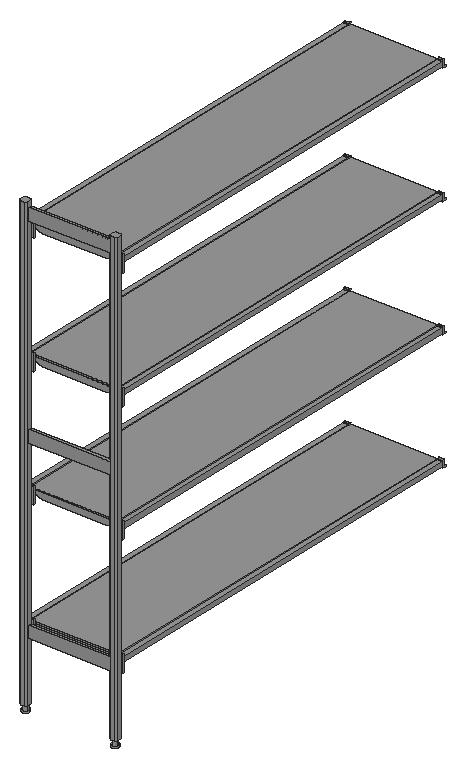
Revit family "QF_ZANUSSI_137058_ACS1537", category Attrezzature speciali, Revit 2020
Family settings
  Quota connettore circolare = Usa diametro
  Tipo di parte = Normale
  Basato su piano di lavoro = No
  Sempre verticale = Sì
  Taglio con vuoti quando caricato = No
  Condiviso = No
  Punto di calcolo locali = No
Parameters (values of type "Standard")
  Weight = 23.00 kg
  Watts = 0 W
  Volts = 0 V
  URL Manufacturer = "http://www.zanussiprofessional.com"
  URL = "http://www.zanussiprofessional.com"
  Steam Supply Size = 0 mm
  Steam Supply Minimum Pressure = 0.0 Pa
  Steam Supply Maximum Pressure = 0.0 Pa
  Steam Consumption per Hour = 0
  Refrigeration Suction Line Size = 0.0 mm
  Refrigeration Liquid Line Size = 0.0 mm
  Refrigerant Compressor Remote = yes
  Prospetto di default = 0.0 mm
  Phase = 0
  Modello = "ACS1537"
  Produttore = "Zanussi"
  Length Actual = 1541.0 mm  # constant formula
  Item Number = "137058"
  Hot Water Size = 0 mm
  Height Actual = 1700.0 mm  # constant formula
  HP = "0 HP"
  Gas Size = 0 mm
  Gas KW = 0
  Gas Input Pressure = 0 W
  Direct Waste Size = 0 mm
  Descrizione = "ALUM.CORNER SHELV.-POLY.TIERS-373X1541MM"
  Depth Actual = 373.0 mm  # constant formula
  Cycle = 0 Hz
  Condensate Return Size = 0 mm
  Compressed Air Volume = 0.0 L/s
  Compressed Air Size = 0 mm
  Compressed Air Pressure = 0.0 Pa
  Cold Water Size = 0 mm
  Accessory = yes
Reference planes
  plane 1: z = 0
  plane 2 "Center (F/B)": y = -163.5
  plane 3 "Front": y = -549.5
  plane 4 "Left": x = -217.5
  plane 5 "Right": x = 155.5
  plane 6 "TOP": z = 1700
  plane 7: y = -517.5
  plane 8: y = 987.5
  plane 9 "Center (Left/Right)": x = -31
  plane 10: y = 982.5
  plane 11: x = -186
  plane 12: x = 124
  plane 13 "FEET": z = 25
  plane 14: z = 275
  plane 15: z = 725
  plane 16: z = 1175
  plane 17: z = 1625
  plane 18 "CXLeft": y = -535.5
  plane 19: x = -200
  plane 20 "CYBack": x = -200
  plane 21 "CYFront": x = 138
  plane 22 "Back": y = 991.5
  plane 23 "LEFT_ORIGIN": x = -251.5
  plane 24 "BACK_Origin": y = 1364.5
Forms (mm)
  Extrusion 1, solid, material "QF_Aluminum"
    sketch origin (0, -549.5, 0) x (-1, 0, 0) y (0, 0, 1)
      loop
        line (198.5, 1650.994) -> (198.5, 1632.998) -> (217.5, 1632.998) -> (217.5, 1650.994) -> (198.5, 1650.994)
      loop
        line (-136.5, 1650.994) -> (-155.5, 1650.994) -> (-155.5, 1632.998) -> (-136.5, 1632.998) -> (-136.5, 1650.994)
      loop
        line (198.5, 1200.994) -> (198.5, 1182.998) -> (217.5, 1182.998) -> (217.5, 1200.994) -> (198.5, 1200.994)
      loop
        line (-136.5, 1200.994) -> (-155.5, 1200.994) -> (-155.5, 1182.998) -> (-136.5, 1182.998) -> (-136.5, 1200.994)
      loop
        line (198.5, 750.994) -> (198.5, 732.998) -> (217.5, 732.998) -> (217.5, 750.994) -> (198.5, 750.994)
      loop
        line (-136.5, 750.994) -> (-155.5, 750.994) -> (-155.5, 732.998) -> (-136.5, 732.998) -> (-136.5, 750.994)
      loop
        line (198.5, 300.994) -> (198.5, 282.998) -> (217.5, 282.998) -> (217.5, 300.994) -> (198.5, 300.994)
      loop
        line (-136.5, 300.994) -> (-155.5, 300.994) -> (-155.5, 282.998) -> (-136.5, 282.998) -> (-136.5, 300.994)
    from 32 to 1537
  Extrusion 2, solid, material "QF_Polyethylene"
    sketch origin (0, -549.5, 0) x (-1, 0, 0) y (0, 0, 1)
      loop
        line (196.507, 1650.994) -> (-134.5, 1650.994) -> (-134.5, 1644.496) -> (196.507, 1644.496) -> (196.507, 1650.994)
      loop
        line (196.507, 1200.994) -> (-134.5, 1200.994) -> (-134.5, 1194.496) -> (196.507, 1194.496) -> (196.507, 1200.994)
      loop
        line (196.507, 750.994) -> (-134.5, 750.994) -> (-134.5, 744.496) -> (196.507, 744.496) -> (196.507, 750.994)
      loop
        line (196.507, 300.994) -> (-134.5, 300.994) -> (-134.5, 294.496) -> (196.507, 294.496) -> (196.507, 300.994)
    from 32 to 1537
Lines and regions (mm)
  symbolic lines
    curve 1: line (-198.5, 987.5, 1700) -> (-198.5, -517.5, 1700)
    curve 2: line (-217.5, -521.5, 1700) -> (-217.5, 987.5, 1700)
    curve 3: line (155.5, -521.5, 1700) -> (155.5, 987.5, 1700)
    curve 4: line (-181.507, -517.5, 1700) -> (119.507, -517.5, 1700)
    curve 5: line (136.5, -517.5, 1700) -> (136.5, 987.5, 1700)
    curve 6: line (-198.5, 987.5, 1700) -> (136.5, 987.5, 1700)
Dimensions and locks
  plane 3 "Front" to plane 2 "Center (F/B)" = 386.0 mm
  locked: plane 6 "TOP" to level at 1700
  locked: plane 4 "Left" to plane 5 "Right" at 373
  locked: plane 7 to plane 8 at 1505
  locked: plane 3 "Front" to plane 7 at 32
  plane 10 to plane 8 = 5.0 mm
  locked: plane 11 to plane 12 at 310
  equal spacing: plane 11, plane 9 "Center (Left/Right)", plane 12
  equal spacing: plane 4 "Left", plane 9 "Center (Left/Right)", plane 5 "Right"
  plane 13 "FEET" to level = 25.0 mm
  plane 6 "TOP" to plane 13 "FEET" = 1675.0 mm
  plane 14 to plane 13 "FEET" = 250.0 mm
  plane 15 to plane 14 = 450.0 mm
  plane 16 to plane 15 = 450.0 mm
  plane 17 to plane 16 = 450.0 mm
  locked: plane 3 "Front" to plane 18 "CXLeft" at 14
  locked: plane 3 "Front" to plane 22 "Back" at 1541
  plane 23 "LEFT_ORIGIN" to plane 5 "Right" = 407.0 mm
  locked: plane 22 "Back" to plane 24 "BACK_Origin" at 373
  aligned and locked: level to plane 1
  aligned and locked: Extrusion 2 to plane 7
  aligned and locked: plane 8 to Extrusion 2
  aligned and locked: Extrusion 1 to plane 7
  aligned and locked: plane 8 to Extrusion 1
  aligned and locked: Extrusion 1 sketch curve to Extrusion 1 sketch curve  (x2)
  aligned and locked: nested 1 to plane 18 "CXLeft"
  aligned and locked: nested 2 to plane 10
Automatic sketch dimensions
  curve 2 to plane 4 "Left" = 0.0 mm
  curve 3 to plane 5 "Right" = 0.0 mm
  plane 7 to curve 1 = 0.0 mm
  plane 7 to curve 4 = 0.0 mm
  plane 7 to curve 5 = 0.0 mm
  plane 8 to curve 2 = 0.0 mm
  plane 8 to curve 1 = 0.0 mm
  plane 8 to curve 3 = 0.0 mm
  plane 21 "CYFront" to curve 5 = 1.5 mm
  plane 19 to curve 6 = 1.5 mm
  plane 7 to curve 3 = 4.0 mm
  plane 7 to curve 2 = 4.0 mm
  plane 12 to curve 4 = 4.493 mm
  curve 4 to plane 11 = 4.493 mm
  plane 5 "Right" to Extrusion 1 sketch curve = 0.0 mm  (x4)
  plane 4 "Left" to Extrusion 1 sketch curve = 0.0 mm  (x4)
  plane 21 "CYFront" to Extrusion 1 sketch curve = 1.5 mm  (x2)
  plane 19 to Extrusion 1 sketch curve = 1.5 mm  (x4)
  plane 14 to Extrusion 1 sketch curve = 7.998 mm  (x2)
  Extrusion 1 sketch curve to Extrusion 1 sketch curve = 17.997 mm  (x8)
  plane 15 to Extrusion 1 sketch curve = 7.998 mm  (x2)
  plane 16 to Extrusion 1 sketch curve = 7.998 mm  (x2)
  plane 17 to Extrusion 1 sketch curve = 7.998 mm  (x2)
  plane 21 "CYFront" to Extrusion 2 sketch curve = 3.5 mm  (x4)
  plane 19 to Extrusion 2 sketch curve = 3.493 mm  (x4)
  plane 14 to Extrusion 2 sketch curve = 19.496 mm
  Extrusion 2 sketch curve to Extrusion 2 sketch curve = 6.499 mm  (x4)
  plane 15 to Extrusion 2 sketch curve = 19.496 mm
  plane 16 to Extrusion 2 sketch curve = 19.496 mm
  plane 17 to Extrusion 2 sketch curve = 19.496 mm
Nested families
  nested 1: "WT_Anta373" at (-194.5, -132.5, 0) x (0, 1, 0) z (0, 0, 1), type "WT_Anta373"
  nested 2: "WT_Aggancio373" at (-194.5, 1399.5, 0) x (0, 1, 0) z (0, 0, 1), type "WT_Aggancio373"
Definition of nested family "WT_Anta373"
  Parameters
    WidthLeft = A + 64.0 mm  # 772.0 mm
    Width = 1606.0 mm
    Right = WidthLeft / 2  # 386.0 mm
    Default Elevation = 0.0 mm
    Left = -WidthLeft / 2  # -386.0 mm
    Height = 1725.0 mm
    FEET = 25.0 mm
    E = 0.0 mm
    Dint = Depth - 63.0 mm  # 310.0 mm
    Dext = Depth - 8.0 mm  # 365.0 mm
    Depth = 373.0 mm
    DX = (WidthLeft - A) / 2  # 32.0 mm
    B = 798.0 mm
    A = 708.0 mm
  Reference planes
    plane 1: z = 0
    plane 2 "LEFT": x = -417
    plane 3 "BACK": y = 23
    plane 4 "FRONT": y = -350
    plane 5 "TOP": z = 1725
    plane 6 "Center (Front/Back)": y = -163.5
    plane 7: y = -8.5
    plane 8: y = -318.5
    plane 9 "FEET": z = 25
    plane 10: z = 275
    plane 11: z = 725
    plane 12: z = 1175
    plane 13: z = 1625
    plane 14 "CXLeft": x = -403
    plane 15: y = 5.5
    plane 16 "CYBack": y = 5.5
    plane 17 "CYFront": y = -332.5
    plane 18: x = -385.031
    plane 19: x = -380.031
  Forms (mm)
    Extrusion 1, solid
      sketch origin (0, 0, 0) x (1, 0, 0) y (0, 1, 0)
        loop
          line (-417, 13.246) -> (-417, -2.246) -> (-410.746, -8.5) -> (-395.254, -8.5) -> (-389, -2.246) -> (-389, 13.246) -> (-395.254, 19.5) -> (-410.746, 19.5) -> (-417, 13.246)
      from 1725 to 25
    Extrusion 2, solid
      sketch origin (-417, 0, 0) x (0, 1, 0) y (0, 0, 1)
        loop
          line (23, 246.005) -> (23, 307.993) -> (-12.993, 307.993) -> (-12.993, 246.005) -> (23, 246.005)
        loop
          line (-350, 246.005) -> (-314.007, 246.005) -> (-314.007, 307.993) -> (-350, 307.993) -> (-350, 246.005)
        loop
          line (23, 696.005) -> (23, 757.993) -> (-12.993, 757.993) -> (-12.993, 696.005) -> (23, 696.005)
        loop
          line (-350, 696.005) -> (-314.007, 696.005) -> (-314.007, 757.993) -> (-350, 757.993) -> (-350, 696.005)
        loop
          line (23, 1146.005) -> (23, 1207.993) -> (-12.993, 1207.993) -> (-12.993, 1146.005) -> (23, 1146.005)
        loop
          line (-350, 1146.005) -> (-314.007, 1146.005) -> (-314.007, 1207.993) -> (-350, 1207.993) -> (-350, 1146.005)
        loop
          line (23, 1596.005) -> (23, 1657.993) -> (-12.993, 1657.993) -> (-12.993, 1596.005) -> (23, 1596.005)
        loop
          line (-350, 1596.005) -> (-314.007, 1596.005) -> (-314.007, 1657.993) -> (-350, 1657.993) -> (-350, 1596.005)
      from 28 to 32
    Revolve 3, solid
      sketch origin (-403, 0, 0) x (0, 1, 0) y (0, 0, 1)
        loop
          line (5.5, 25) -> (5.5, 0) -> (19, 0) -> (19, 5) -> (14, 5) -> (14, 25) -> (5.5, 25)
        axis (5.5, 25) -> (5.5, 0)
      angle from 0 to 360
    Extrusion 4, solid
      sketch origin (-403, 0, 0) x (0, 1, 0) y (0, 0, 1)
        loop
          line (-8.5, 912.382) -> (-8.5, 957.374) -> (-318.5, 957.374) -> (-318.5, 912.382) -> (-8.5, 912.382)
        loop
          line (-8.5, 1662.244) -> (-8.5, 1707.236) -> (-318.5, 1707.236) -> (-318.5, 1662.244) -> (-8.5, 1662.244)
      from -5 to 5
    Revolve 5, solid
      sketch origin (-403, -627, 0) x (0, -1, 0) y (0, 0, 1)
        loop
          line (-294.5, 25) -> (-294.5, 0) -> (-281, 0) -> (-281, 5) -> (-286, 5) -> (-286, 25) -> (-294.5, 25)
        axis (-294.5, 25) -> (-294.5, 0)
      angle from 0 to 360
    Extrusion 6, solid
      sketch origin (0, -627, 0) x (1, 0, 0) y (0, 1, 0)
        loop
          line (-417, 286.754) -> (-410.746, 280.5) -> (-395.254, 280.5) -> (-389, 286.754) -> (-389, 302.246) -> (-395.254, 308.5) -> (-410.746, 308.5) -> (-417, 302.246) -> (-417, 286.754)
      from 1725 to 25
    Extrusion 7, solid
      sketch origin (-417.031, -0.022, 0) x (0, 1, 0) y (0, 0, -1)
        loop
          line (-12, -1632.998) -> (-46, -1620.994) -> (-281, -1620.994) -> (-315, -1632.998) -> (-331, -1632.998) -> (-331, -1650.994) -> (-329, -1650.994) -> (-329, -1644.496) -> (2.007, -1644.496) -> (2.007, -1650.994) -> (4, -1650.994) -> (4, -1632.998) -> (-12, -1632.998)
        loop
          line (-12, -1182.998) -> (-46, -1170.994) -> (-281, -1170.994) -> (-315, -1182.998) -> (-331, -1182.998) -> (-331, -1200.994) -> (-329, -1200.994) -> (-329, -1194.496) -> (2.007, -1194.496) -> (2.007, -1200.994) -> (4, -1200.994) -> (4, -1182.998) -> (-12, -1182.998)
        loop
          line (-12, -732.998) -> (-46, -720.994) -> (-281, -720.994) -> (-315, -732.998) -> (-331, -732.998) -> (-331, -750.994) -> (-329, -750.994) -> (-329, -744.496) -> (2.007, -744.496) -> (2.007, -750.994) -> (4, -750.994) -> (4, -732.998) -> (-12, -732.998)
        loop
          line (-12, -282.998) -> (-46, -270.994) -> (-281, -270.994) -> (-315, -282.998) -> (-331, -282.998) -> (-331, -300.994) -> (-329, -300.994) -> (-329, -294.496) -> (2.007, -294.496) -> (2.007, -300.994) -> (4, -300.994) -> (4, -282.998) -> (-12, -282.998)
      from -32 to -37
    Extrusion 8, solid
      sketch origin (-403, 0, -659.878) x (0, 1, 0) y (0, 0, 1)
        loop
          line (-8.5, 912.382) -> (-8.5, 957.374) -> (-318.5, 957.374) -> (-318.5, 912.382) -> (-8.5, 912.382)
        loop
          line (-8.5, 1572.382) -> (-8.5, 1617.374) -> (-318.5, 1617.374) -> (-318.5, 1572.382) -> (-8.5, 1572.382)
        loop
          line (-8.5, 2322.382) -> (-8.5, 2367.374) -> (-318.5, 2367.374) -> (-318.5, 2322.382) -> (-8.5, 2322.382)
      from -5 to 5
  Lines and regions (mm)
    symbolic lines
      curve 1: line (-408, -8.5, 1725) -> (-408, -318.5, 1725)
      curve 2: line (-398, -318.5, 1725) -> (-398, -8.5, 1725)
      curve 3: line (-395.254, -8.5, 1725) -> (-410.746, -8.5, 1725)
      curve 4: line (-417, -2.246, 1725) -> (-410.746, -8.5, 1725)
      curve 5: line (-417, 13.246, 1725) -> (-417, -2.246, 1725)
      curve 6: line (-410.746, 19.5, 1725) -> (-417, 13.246, 1725)
      curve 7: line (-395.254, 19.5, 1725) -> (-410.746, 19.5, 1725)
      curve 8: line (-389, 13.246, 1725) -> (-395.254, 19.5, 1725)
      curve 9: line (-395.254, -8.5, 1725) -> (-389, -2.246, 1725)
      curve 10: line (-395.254, -318.5, 1725) -> (-410.746, -318.5, 1725)
      curve 11: line (-417, -324.754, 1725) -> (-410.746, -318.5, 1725)
      curve 12: line (-410.746, -346.5, 1725) -> (-417, -340.246, 1725)
      curve 13: line (-395.254, -346.5, 1725) -> (-410.746, -346.5, 1725)
      curve 14: line (-389, -340.246, 1725) -> (-395.254, -346.5, 1725)
      curve 15: line (-395.254, -318.5, 1725) -> (-389, -324.754, 1725)
      curve 16: line (-389, -350, 1725) -> (-389, -314.007, 1725)
      curve 17: line (-389, -314.007, 1725) -> (-385, -314.007, 1725)
      curve 18: line (-389, 23, 1725) -> (-389, -12.993, 1725)
      curve 19: line (-389, -12.993, 1725) -> (-385, -12.993, 1725)
      curve 20: line (-417, -324.754, 1725) -> (-417, -340.246, 1725)
      curve 21: line (-385, -350, 1725) -> (-385, -314.007, 1725)
      curve 22: line (-385, -350, 1725) -> (-389, -350, 1725)
      curve 23: line (-385, 23, 1725) -> (-389, 23, 1725)
      curve 24: line (-385, -12.993, 1725) -> (-385, 23, 1725)
      curve 25: line (-385.031, -13.016, 1725) -> (-385.031, -314.029, 1725)
  Dimensions and locks
    "Height": plane 5 "TOP" to level
    "Depth": plane 3 "BACK" to plane 4 "FRONT"
    "Dint": plane 7 to plane 8
    equal spacing: plane 7, plane 6 "Center (Front/Back)", plane 8
    equal spacing: plane 3 "BACK", plane 6 "Center (Front/Back)", plane 4 "FRONT"
    plane 9 "FEET" to level = 25.0 mm
    plane 5 "TOP" to plane 9 "FEET" = 1700.0 mm
    plane 10 to plane 9 "FEET" = 250.0 mm
    plane 11 to plane 10 = 450.0 mm
    plane 12 to plane 11 = 450.0 mm
    plane 13 to plane 12 = 450.0 mm
    locked: plane 2 "LEFT" to plane 14 "CXLeft" at 14
    locked: plane 3 "BACK" to plane 16 "CYBack" at 17.5
    locked: plane 17 "CYFront" to plane 4 "FRONT" at 17.5
    locked: Revolve 3 sketch curve to Revolve 3 sketch curve at 8.5
    locked: Revolve 3 sketch curve to plane 16 "CYBack" at 13.5
    locked: Revolve 5 sketch curve to Revolve 5 sketch curve at 8.5
    aligned and locked: level to plane 1
    aligned and locked: curve 20 to Extrusion 6
    aligned and locked: plane 5 "TOP" to Extrusion 1
    aligned and locked: plane 5 "TOP" to Extrusion 6
    aligned and locked: Extrusion 7 sketch curve to Extrusion 7 sketch curve  (x3)
  Automatic sketch dimensions
    curve 16 to plane 4 "FRONT" = 0.0 mm
    curve 11 to plane 8 = 0.0 mm
    curve 9 to plane 7 = 0.0 mm
    curve 5 to plane 2 "LEFT" = 0.0 mm
    curve 23 to plane 3 "BACK" = 0.0 mm
    plane 4 "FRONT" to curve 13 = 3.5 mm
    curve 20 to plane 17 "CYFront" = 7.746 mm
    curve 20 to plane 8 = 6.254 mm
    plane 8 to curve 16 = 4.493 mm
    curve 24 to plane 18 = 0.031 mm
    curve 24 to plane 7 = 4.493 mm
    plane 7 to curve 5 = 6.254 mm
    curve 5 to plane 15 = 7.746 mm
    curve 6 to plane 3 "BACK" = 3.5 mm
    curve 21 to plane 18 = 0.031 mm
    plane 18 to curve 23 = 3.969 mm
    plane 18 to curve 16 = 3.969 mm
    curve 18 to curve 8 = 6.254 mm
    curve 18 to curve 3 = 6.254 mm
    curve 16 to curve 13 = 6.254 mm
    curve 16 to curve 15 = 6.254 mm
    plane 2 "LEFT" to curve 10 = 6.254 mm
    plane 2 "LEFT" to curve 7 = 6.254 mm
    plane 2 "LEFT" to curve 12 = 6.254 mm
    plane 2 "LEFT" to curve 3 = 6.254 mm
    curve 14 to plane 17 "CYFront" = 7.746 mm
    curve 15 to plane 8 = 6.254 mm
    plane 7 to curve 9 = 6.254 mm
    curve 8 to plane 15 = 7.746 mm
    curve 3 to curve 2 = 2.746 mm
    curve 1 to curve 10 = 2.746 mm
    Extrusion 1 sketch curve to plane 2 "LEFT" = 0.0 mm
    Extrusion 1 sketch curve to plane 7 = 0.0 mm
    plane 2 "LEFT" to Extrusion 1 sketch curve = 6.254 mm  (x2)
    plane 14 "CXLeft" to Extrusion 1 sketch curve = 7.746 mm  (x2)
    Extrusion 1 sketch curve to plane 3 "BACK" = 3.5 mm
    plane 18 to Extrusion 1 sketch curve = 3.969 mm
    plane 7 to Extrusion 1 sketch curve = 6.254 mm  (x2)
    Extrusion 1 sketch curve to plane 15 = 7.746 mm  (x2)
    Extrusion 2 sketch curve to plane 4 "FRONT" = 0.0 mm  (x4)
    Extrusion 2 sketch curve to plane 3 "BACK" = 0.0 mm  (x4)
    plane 8 to Extrusion 2 sketch curve = 4.493 mm  (x4)
    Extrusion 2 sketch curve to plane 7 = 4.493 mm  (x4)
    Extrusion 2 sketch curve to plane 10 = 28.995 mm  (x2)
    plane 10 to Extrusion 2 sketch curve = 32.993 mm  (x2)
    Extrusion 2 sketch curve to plane 11 = 28.995 mm  (x2)
    plane 11 to Extrusion 2 sketch curve = 32.993 mm  (x2)
    Extrusion 2 sketch curve to plane 12 = 28.995 mm  (x2)
    plane 12 to Extrusion 2 sketch curve = 32.993 mm  (x2)
    Extrusion 2 sketch curve to plane 13 = 28.995 mm  (x2)
    plane 13 to Extrusion 2 sketch curve = 32.993 mm  (x2)
    Revolve 3 sketch curve to plane 9 "FEET" = 0.0 mm  (x2)
    Revolve 3 sketch curve to plane 15 = 0.0 mm  (x2)
    Revolve 3 sketch curve to level = 0.0 mm
    level to Revolve 3 sketch curve = 5.0 mm
    Revolve 3 sketch curve to Revolve 3 sketch curve = 11.655 mm
    Extrusion 4 sketch curve to plane 8 = 0.0 mm  (x2)
    Extrusion 4 sketch curve to plane 7 = 0.0 mm  (x2)
    plane 11 to Extrusion 4 sketch curve = 187.382 mm
    Extrusion 4 sketch curve to Extrusion 4 sketch curve = 44.992 mm
    plane 13 to Extrusion 4 sketch curve = 37.244 mm
    Extrusion 4 sketch curve to plane 5 "TOP" = 17.764 mm
    Revolve 5 sketch curve to plane 9 "FEET" = 0.0 mm  (x2)
    Revolve 5 sketch curve to plane 17 "CYFront" = 0.0 mm  (x2)
    Revolve 5 sketch curve to level = 0.0 mm
    Revolve 5 sketch curve to plane 4 "FRONT" = 4.0 mm
    Revolve 5 sketch curve to Revolve 5 sketch curve = 5.0 mm
    level to Revolve 5 sketch curve = 11.655 mm
    Extrusion 6 sketch curve to plane 2 "LEFT" = 0.0 mm
    Extrusion 6 sketch curve to plane 8 = 0.0 mm
    Extrusion 6 sketch curve to plane 2 "LEFT" = 6.254 mm  (x2)
    Extrusion 6 sketch curve to plane 14 "CXLeft" = 7.746 mm  (x2)
    Extrusion 6 sketch curve to plane 4 "FRONT" = 3.5 mm
    Extrusion 6 sketch curve to plane 18 = 3.969 mm
    plane 8 to Extrusion 6 sketch curve = 6.254 mm  (x2)
    plane 17 "CYFront" to Extrusion 6 sketch curve = 7.746 mm  (x2)
    plane 17 "CYFront" to Extrusion 7 sketch curve = 1.478 mm  (x4)
    Extrusion 7 sketch curve to Extrusion 7 sketch curve = 2.0 mm
    plane 8 to Extrusion 7 sketch curve = 3.478 mm  (x4)
    Extrusion 7 sketch curve to plane 10 = 4.006 mm
    Extrusion 7 sketch curve to Extrusion 7 sketch curve = 34.0 mm  (x4)
    Extrusion 7 sketch curve to plane 11 = 4.006 mm
    Extrusion 7 sketch curve to plane 12 = 4.006 mm
    Extrusion 7 sketch curve to plane 13 = 4.006 mm
    Extrusion 7 sketch curve to plane 7 = 37.522 mm  (x4)
    Extrusion 7 sketch curve to plane 7 = 3.522 mm  (x4)
    plane 15 to Extrusion 7 sketch curve = 3.516 mm  (x4)
    plane 15 to Extrusion 7 sketch curve = 1.522 mm  (x4)
    plane 13 to Extrusion 7 sketch curve = 7.998 mm  (x2)
    Extrusion 7 sketch curve to Extrusion 7 sketch curve = 11.498 mm
    Extrusion 7 sketch curve to Extrusion 7 sketch curve = 6.499 mm  (x5)
    plane 12 to Extrusion 7 sketch curve = 25.994 mm  (x2)
    plane 12 to Extrusion 7 sketch curve = 7.998 mm  (x2)
    plane 11 to Extrusion 7 sketch curve = 25.994 mm  (x2)
    plane 11 to Extrusion 7 sketch curve = 7.998 mm  (x2)
    plane 10 to Extrusion 7 sketch curve = 25.994 mm  (x2)
    plane 10 to Extrusion 7 sketch curve = 7.998 mm  (x2)
    curve 25 to plane 18 = 0.0 mm
    plane 8 to curve 25 = 4.471 mm
    curve 25 to plane 7 = 4.516 mm
    Extrusion 8 sketch curve to plane 8 = 0.0 mm  (x3)
    Extrusion 8 sketch curve to plane 7 = 0.0 mm  (x3)
    Extrusion 8 sketch curve to plane 10 = 22.496 mm
    plane 10 to Extrusion 8 sketch curve = 22.496 mm
    plane 11 to Extrusion 8 sketch curve = 187.504 mm
    Extrusion 8 sketch curve to Extrusion 8 sketch curve = 44.992 mm
    plane 13 to Extrusion 8 sketch curve = 37.504 mm
    Extrusion 8 sketch curve to plane 5 "TOP" = 17.504 mm
Definition of nested family "WT_Aggancio373"
  Parameters
    WidthLeft = A + 64.0 mm  # 772.0 mm
    Width = 1606.0 mm
    Right = WidthLeft / 2  # 386.0 mm
    Default Elevation = 0.0 mm
    Left = -WidthLeft / 2  # -386.0 mm
    Height = 1725.0 mm
    FEET = 25.0 mm
    E = 0.0 mm
    Dint = Depth - 63.0 mm  # 310.0 mm
    Dext = Depth - 8.0 mm  # 365.0 mm
    Depth = 373.0 mm
    DX = (WidthLeft - A) / 2  # 32.0 mm
    B = 798.0 mm
    A = 708.0 mm
  Reference planes
    plane 1: z = 0
    plane 2 "LEFT": x = -417
    plane 3 "BACK": y = 23
    plane 4 "FRONT": y = -350
    plane 5 "TOP": z = 1725
    plane 6 "Center (Front/Back)": y = -163.5
    plane 7: y = -8.5
    plane 8: y = -318.5
    plane 9 "FEET": z = 25
    plane 10: z = 275
    plane 11: z = 725
    plane 12: z = 1175
    plane 13: z = 1625
    plane 14: y = 5.5
    plane 15 "CYBack": y = 5.5
    plane 16 "CYFront": y = -332.5
  Forms (mm)
    Extrusion 1, solid
      sketch origin (-380, -0.022, 0) x (0, 1, 0) y (0, 0, 1)
        loop
          line (-12, 1632.998) -> (4, 1632.998) -> (4, 1650.994) -> (2.007, 1650.994) -> (2.007, 1644.496) -> (-329, 1644.496) -> (-329, 1650.994) -> (-331, 1650.994) -> (-331, 1632.998) -> (-315, 1632.998) -> (-281, 1620.994) -> (-46, 1620.994) -> (-12, 1632.998)
        loop
          line (-12, 1182.998) -> (4, 1182.998) -> (4, 1200.994) -> (2.007, 1200.994) -> (2.007, 1194.496) -> (-329, 1194.496) -> (-329, 1200.994) -> (-331, 1200.994) -> (-331, 1182.998) -> (-315, 1182.998) -> (-281, 1170.994) -> (-46, 1170.994) -> (-12, 1182.998)
        loop
          line (-12, 732.998) -> (4, 732.998) -> (4, 750.994) -> (2.007, 750.994) -> (2.007, 744.496) -> (-329, 744.496) -> (-329, 750.994) -> (-331, 750.994) -> (-331, 732.998) -> (-315, 732.998) -> (-281, 720.994) -> (-46, 720.994) -> (-12, 732.998)
        loop
          line (-12, 282.998) -> (4, 282.998) -> (4, 300.994) -> (2.007, 300.994) -> (2.007, 294.496) -> (-329, 294.496) -> (-329, 300.994) -> (-331, 300.994) -> (-331, 282.998) -> (-315, 282.998) -> (-281, 270.994) -> (-46, 270.994) -> (-12, 282.998)
      from -32 to -37
    Extrusion 2, solid
      sketch origin (-793.062, -324.754, 6.5) x (1, 0, 0) y (0, 0, 1)
        loop
          line (385.062, 1644.496) -> (385.062, 1647.496) -> (376.062, 1647.496) -> (376.062, 1620.994) -> (390.031, 1620.994) -> (390.031, 1626.496) -> (381.062, 1626.496) -> (381.062, 1644.496) -> (385.062, 1644.496)
        loop
          line (385.062, 1194.496) -> (385.062, 1197.496) -> (376.062, 1197.496) -> (376.062, 1170.994) -> (390.031, 1170.994) -> (390.031, 1176.496) -> (381.062, 1176.496) -> (381.062, 1194.496) -> (385.062, 1194.496)
        loop
          line (385.062, 744.496) -> (385.062, 747.496) -> (376.062, 747.496) -> (376.062, 720.994) -> (390.031, 720.994) -> (390.031, 726.496) -> (381.062, 726.496) -> (381.062, 744.496) -> (385.062, 744.496)
        loop
          line (385.062, 294.496) -> (385.062, 297.496) -> (376.062, 297.496) -> (376.062, 270.994) -> (390.031, 270.994) -> (390.031, 276.496) -> (381.062, 276.496) -> (381.062, 294.496) -> (385.062, 294.496)
      from 6.268 to 25.246
    Extrusion 3, solid
      sketch origin (-793.062, 32.754, 6.5) x (1, 0, 0) y (0, 0, 1)
        loop
          line (385.062, 1644.496) -> (385.062, 1647.496) -> (376.062, 1647.496) -> (376.062, 1620.994) -> (390.031, 1620.994) -> (390.031, 1626.496) -> (381.062, 1626.496) -> (381.062, 1644.496) -> (385.062, 1644.496)
        loop
          line (385.062, 1194.496) -> (385.062, 1197.496) -> (376.062, 1197.496) -> (376.062, 1170.994) -> (390.031, 1170.994) -> (390.031, 1176.496) -> (381.062, 1176.496) -> (381.062, 1194.496) -> (385.062, 1194.496)
        loop
          line (385.062, 744.496) -> (385.062, 747.496) -> (376.062, 747.496) -> (376.062, 720.994) -> (390.031, 720.994) -> (390.031, 726.496) -> (381.062, 726.496) -> (381.062, 744.496) -> (385.062, 744.496)
        loop
          line (385.062, 294.496) -> (385.062, 297.496) -> (376.062, 297.496) -> (376.062, 270.994) -> (390.031, 270.994) -> (390.031, 276.496) -> (381.062, 276.496) -> (381.062, 294.496) -> (385.062, 294.496)
      from 9.754 to 28.776
  Lines and regions (mm)
    symbolic lines
      curve 1: line (-412, -350, 0) -> (-408, -350, 0)
      curve 2: line (-412, -331.022, 0) -> (-412, -350, 0)
      curve 3: line (-408, -331.022, 0) -> (-412, -331.022, 0)
      curve 4: line (-408, -350, 0) -> (-408, -331.022, 0)
      curve 5: line (-412, 3.978, 0) -> (-408, 3.978, 0)
      curve 6: line (-412, 23, 0) -> (-412, 3.978, 0)
      curve 7: line (-408, 23, 0) -> (-412, 23, 0)
      curve 8: line (-408, 3.978, 0) -> (-408, 23, 0)
  Dimensions and locks
    "Height": plane 5 "TOP" to level
    "Depth": plane 3 "BACK" to plane 4 "FRONT"
    "Dint": plane 7 to plane 8
    equal spacing: plane 7, plane 6 "Center (Front/Back)", plane 8
    equal spacing: plane 3 "BACK", plane 6 "Center (Front/Back)", plane 4 "FRONT"
    plane 9 "FEET" to level = 25.0 mm
    plane 5 "TOP" to plane 9 "FEET" = 1700.0 mm
    plane 10 to plane 9 "FEET" = 250.0 mm
    plane 11 to plane 10 = 450.0 mm
    plane 12 to plane 11 = 450.0 mm
    plane 13 to plane 12 = 450.0 mm
    locked: plane 3 "BACK" to plane 15 "CYBack" at 17.5
    locked: plane 16 "CYFront" to plane 4 "FRONT" at 17.5
    aligned and locked: level to plane 1
    aligned and locked: Extrusion 1 sketch curve to Extrusion 1 sketch curve  (x3)
  Automatic sketch dimensions
    plane 16 "CYFront" to Extrusion 1 sketch curve = 1.478 mm  (x4)
    Extrusion 1 sketch curve to Extrusion 1 sketch curve = 2.0 mm
    plane 8 to Extrusion 1 sketch curve = 3.478 mm  (x4)
    Extrusion 1 sketch curve to plane 10 = 4.006 mm
    Extrusion 1 sketch curve to Extrusion 1 sketch curve = 34.0 mm  (x4)
    Extrusion 1 sketch curve to plane 11 = 4.006 mm
    Extrusion 1 sketch curve to plane 12 = 4.006 mm
    Extrusion 1 sketch curve to plane 13 = 4.006 mm
    Extrusion 1 sketch curve to plane 7 = 37.522 mm  (x4)
    Extrusion 1 sketch curve to plane 7 = 3.522 mm  (x4)
    plane 14 to Extrusion 1 sketch curve = 3.516 mm  (x4)
    plane 14 to Extrusion 1 sketch curve = 1.522 mm  (x4)
    plane 10 to Extrusion 1 sketch curve = 7.998 mm  (x2)
    Extrusion 1 sketch curve to Extrusion 1 sketch curve = 11.498 mm  (x4)
    Extrusion 1 sketch curve to Extrusion 1 sketch curve = 6.499 mm  (x8)
    plane 11 to Extrusion 1 sketch curve = 7.998 mm  (x2)
    plane 12 to Extrusion 1 sketch curve = 7.998 mm  (x2)
    plane 13 to Extrusion 1 sketch curve = 7.998 mm  (x2)
    plane 2 "LEFT" to Extrusion 2 sketch curve = 0.0 mm  (x4)
    plane 13 to Extrusion 2 sketch curve = 7.996 mm
    plane 11 to Extrusion 2 sketch curve = 7.996 mm
    Extrusion 2 sketch curve to Extrusion 2 sketch curve = 5.0 mm  (x4)
    plane 11 to Extrusion 2 sketch curve = 2.494 mm
    plane 10 to Extrusion 2 sketch curve = 28.996 mm
    Extrusion 2 sketch curve to Extrusion 2 sketch curve = 3.0 mm  (x4)
    plane 10 to Extrusion 2 sketch curve = 7.996 mm
    plane 10 to Extrusion 2 sketch curve = 2.494 mm
    Extrusion 2 sketch curve to Extrusion 2 sketch curve = 18.0 mm  (x3)
    plane 12 to Extrusion 2 sketch curve = 2.494 mm
    plane 12 to Extrusion 2 sketch curve = 7.996 mm
    plane 13 to Extrusion 2 sketch curve = 2.494 mm
    plane 2 "LEFT" to Extrusion 3 sketch curve = 0.0 mm  (x4)
    plane 13 to Extrusion 3 sketch curve = 7.996 mm
    plane 11 to Extrusion 3 sketch curve = 7.996 mm
    Extrusion 3 sketch curve to Extrusion 3 sketch curve = 5.0 mm  (x4)
    plane 11 to Extrusion 3 sketch curve = 2.494 mm
    plane 10 to Extrusion 3 sketch curve = 28.996 mm
    Extrusion 3 sketch curve to Extrusion 3 sketch curve = 3.0 mm  (x4)
    plane 10 to Extrusion 3 sketch curve = 7.996 mm
    plane 10 to Extrusion 3 sketch curve = 2.494 mm
    Extrusion 3 sketch curve to Extrusion 3 sketch curve = 18.0 mm  (x3)
    plane 12 to Extrusion 3 sketch curve = 2.494 mm
    plane 12 to Extrusion 3 sketch curve = 7.996 mm
    plane 13 to Extrusion 3 sketch curve = 2.494 mm
    plane 2 "LEFT" to curve 1 = 5.0 mm
    plane 2 "LEFT" to curve 7 = 5.0 mm
    curve 1 to plane 16 "CYFront" = 17.5 mm
    curve 3 to plane 8 = 12.522 mm
    plane 7 to curve 5 = 12.478 mm
    curve 7 to plane 14 = 17.5 mm
    curve 5 to curve 5 = 4.0 mm
    curve 1 to curve 4 = 4.0 mm
    Extrusion 2 sketch curve to Extrusion 2 sketch curve = 4.0 mm  (x4)
    Extrusion 2 sketch curve to Extrusion 2 sketch curve = 8.969 mm  (x4)
    Extrusion 3 sketch curve to Extrusion 3 sketch curve = 4.0 mm  (x4)
    Extrusion 3 sketch curve to Extrusion 3 sketch curve = 8.969 mm  (x4)
